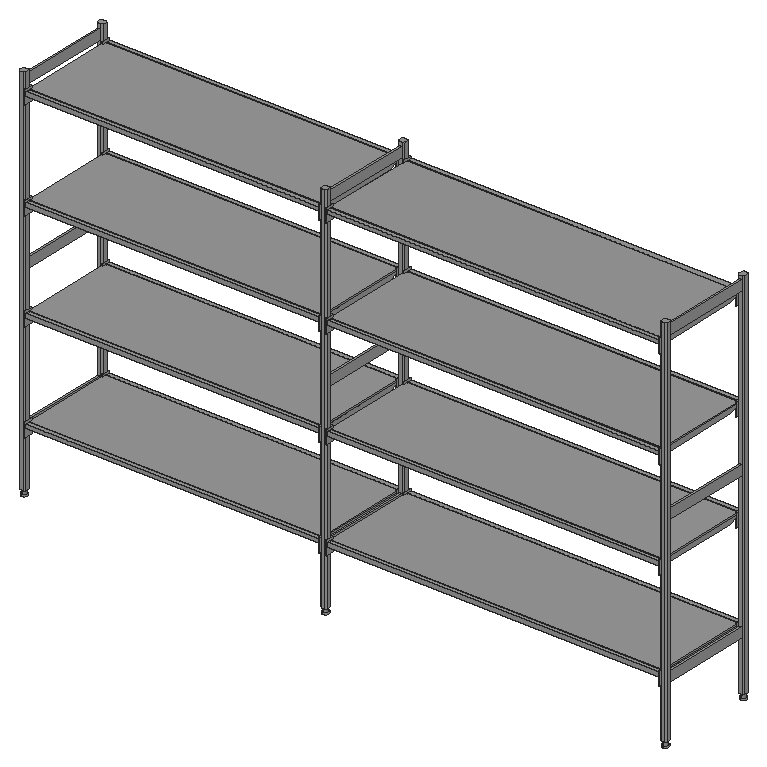
Revit family "QF_ZANUSSI_137049_BLS2935", category Attrezzature speciali, Revit 2020
Family settings
  Quota connettore circolare = Usa diametro
  Tipo di parte = Normale
  Basato su piano di lavoro = No
  Sempre verticale = Sì
  Taglio con vuoti quando caricato = No
  Condiviso = No
  Punto di calcolo locali = No
Parameters (values of type "Standard")
  Weight = 51.00 kg
  Watts = 0 W
  Volts = 0 V
  URL Manufacturer = "http://www.zanussiprofessional.com"
  URL = "http://www.zanussiprofessional.com"
  Steam Supply Size = 0 mm
  Steam Supply Minimum Pressure = 0.0 Pa
  Steam Supply Maximum Pressure = 0.0 Pa
  Steam Consumption per Hour = 0
  Refrigeration Suction Line Size = 0.0 mm
  Refrigeration Liquid Line Size = 0.0 mm
  Refrigerant Compressor Remote = yes
  Prospetto di default = 0.0 mm
  Phase = 0
  Modello = "BLS2935"
  Produttore = "Zanussi"
  Length Actual = 2935.0 mm  # constant formula
  Item Number = "137049"
  Hot Water Size = 0 mm
  Height Actual = 1700.0 mm  # constant formula
  HP = "0 HP"
  Gas Size = 0 mm
  Gas KW = 0
  Gas Input Pressure = 0 W
  Direct Waste Size = 0 mm
  Descrizione = "ALUM.LINEAR SHELV.-POLY.TIERS-475X2935MM"
  Depth Actual = 475.0 mm  # constant formula
  Cycle = 0 Hz
  Condensate Return Size = 0 mm
  Compressed Air Volume = 0.0 L/s
  Compressed Air Size = 0 mm
  Compressed Air Pressure = 0.0 Pa
  Cold Water Size = 0 mm
  Accessory = yes
Reference planes
  plane 1: z = 0
  plane 2 "CenterLeft": x = -31
  plane 3 "LEFT": x = -417
  plane 4 "BACK": y = 23
  plane 5 "FRONT": y = -452
  plane 6 "TOP": z = 1700
  plane 7: x = -385
  plane 8: x = 945
  plane 9 "Center (Front/Back)": y = -214.5
  plane 10: y = -8.5
  plane 11: y = -420.5
  plane 12 "FEET": z = 25
  plane 13: z = 275
  plane 14: z = 725
  plane 15: z = 1175
  plane 16: z = 1625
  plane 17 "CXLeft": x = -403
  plane 18 "Center (Left/Right)": x = 963
  plane 19: y = 5.5
  plane 20 "CYBack": y = 5.5
  plane 21 "CYFront": y = -434.5
  plane 22 "RIGHT": x = 2518
  plane 23: x = 2486
  plane 24 "CXRight": x = 2504
  plane 25: x = 981
Forms (mm)
  Extrusion 1, solid, material "QF_Aluminum"
    sketch origin (-417, 0, -4.006) x (0, 1, 0) y (0, 0, 1)
      loop
        line (-12, 1637.003) -> (4, 1637.003) -> (4, 1655) -> (2.007, 1655) -> (2.007, 1648.501) -> (-431, 1648.501) -> (-431, 1655) -> (-433, 1655) -> (-433, 1637.003) -> (-417, 1637.003) -> (-383, 1625) -> (-46, 1625) -> (-12, 1637.003)
      loop
        line (-12, 1187.003) -> (4, 1187.003) -> (4, 1205) -> (2.007, 1205) -> (2.007, 1198.501) -> (-431, 1198.501) -> (-431, 1205) -> (-433, 1205) -> (-433, 1187.003) -> (-417, 1187.003) -> (-383, 1175) -> (-46, 1175) -> (-12, 1187.003)
      loop
        line (-12, 737.003) -> (4, 737.003) -> (4, 755) -> (2.007, 755) -> (2.007, 748.501) -> (-431, 748.501) -> (-431, 755) -> (-433, 755) -> (-433, 737.003) -> (-417, 737.003) -> (-383, 725) -> (-46, 725) -> (-12, 737.003)
      loop
        line (-12, 287.003) -> (4, 287.003) -> (4, 305) -> (2.007, 305) -> (2.007, 298.501) -> (-431, 298.501) -> (-431, 305) -> (-433, 305) -> (-433, 287.003) -> (-417, 287.003) -> (-383, 275) -> (-46, 275) -> (-12, 287.003)
    from 37 to 32
  Extrusion 2, solid, material "QF_Aluminum"
    sketch origin (-417, 0, 0) x (0, 1, 0) y (0, 0, 1)
      loop
        line (23, 246.005) -> (23, 307.993) -> (-12.993, 307.993) -> (-12.993, 246.005) -> (23, 246.005)
      loop
        line (-452, 246.005) -> (-416.007, 246.005) -> (-416.007, 307.993) -> (-452, 307.993) -> (-452, 246.005)
      loop
        line (23, 696.005) -> (23, 757.993) -> (-12.993, 757.993) -> (-12.993, 696.005) -> (23, 696.005)
      loop
        line (-452, 696.005) -> (-416.007, 696.005) -> (-416.007, 757.993) -> (-452, 757.993) -> (-452, 696.005)
      loop
        line (23, 1146.005) -> (23, 1207.993) -> (-12.993, 1207.993) -> (-12.993, 1146.005) -> (23, 1146.005)
      loop
        line (-452, 1146.005) -> (-416.007, 1146.005) -> (-416.007, 1207.993) -> (-452, 1207.993) -> (-452, 1146.005)
      loop
        line (23, 1596.005) -> (23, 1657.993) -> (-12.993, 1657.993) -> (-12.993, 1596.005) -> (23, 1596.005)
      loop
        line (-452, 1596.005) -> (-416.007, 1596.005) -> (-416.007, 1657.993) -> (-452, 1657.993) -> (-452, 1596.005)
    from 28 to 32
  Extrusion 3, solid, material "QF_Aluminum"
    sketch origin (-417, 0, 0) x (0, 1, 0) y (0, 0, 1)
      loop
        line (4, 1650.994) -> (4, 1632.998) -> (23, 1632.998) -> (23, 1650.994) -> (4, 1650.994)
      loop
        line (-433, 1650.994) -> (-452, 1650.994) -> (-452, 1632.998) -> (-433, 1632.998) -> (-433, 1650.994)
      loop
        line (4, 1200.994) -> (4, 1182.998) -> (23, 1182.998) -> (23, 1200.994) -> (4, 1200.994)
      loop
        line (-433, 1200.994) -> (-452, 1200.994) -> (-452, 1182.998) -> (-433, 1182.998) -> (-433, 1200.994)
      loop
        line (4, 750.994) -> (4, 732.998) -> (23, 732.998) -> (23, 750.994) -> (4, 750.994)
      loop
        line (-433, 750.994) -> (-452, 750.994) -> (-452, 732.998) -> (-433, 732.998) -> (-433, 750.994)
      loop
        line (4, 300.994) -> (4, 282.998) -> (23, 282.998) -> (23, 300.994) -> (4, 300.994)
      loop
        line (-433, 300.994) -> (-452, 300.994) -> (-452, 282.998) -> (-433, 282.998) -> (-433, 300.994)
    from 32 to 1362
  Extrusion 4, solid, material "QF_Polyethylene"
    sketch origin (-417, 0, 0) x (0, 1, 0) y (0, 0, 1)
      loop
        line (2.007, 1650.994) -> (-431, 1650.994) -> (-431, 1644.496) -> (2.007, 1644.496) -> (2.007, 1650.994)
      loop
        line (2.007, 1200.994) -> (-431, 1200.994) -> (-431, 1194.496) -> (2.007, 1194.496) -> (2.007, 1200.994)
      loop
        line (2.007, 750.994) -> (-431, 750.994) -> (-431, 744.496) -> (2.007, 744.496) -> (2.007, 750.994)
      loop
        line (2.007, 300.994) -> (-431, 300.994) -> (-431, 294.496) -> (2.007, 294.496) -> (2.007, 300.994)
    from 32 to 1362
  Extrusion 5, solid, material "QF_Aluminum"
    sketch origin (2518, 0, 0) x (0, 1, 0) y (0, 0, 1)
      loop
        line (4, 1650.994) -> (4, 1632.998) -> (23, 1632.998) -> (23, 1650.994) -> (4, 1650.994)
      loop
        line (-433, 1650.994) -> (-452, 1650.994) -> (-452, 1632.998) -> (-433, 1632.998) -> (-433, 1650.994)
      loop
        line (4, 1200.994) -> (4, 1182.998) -> (23, 1182.998) -> (23, 1200.994) -> (4, 1200.994)
      loop
        line (-433, 1200.994) -> (-452, 1200.994) -> (-452, 1182.998) -> (-433, 1182.998) -> (-433, 1200.994)
      loop
        line (4, 750.994) -> (4, 732.998) -> (23, 732.998) -> (23, 750.994) -> (4, 750.994)
      loop
        line (-433, 750.994) -> (-452, 750.994) -> (-452, 732.998) -> (-433, 732.998) -> (-433, 750.994)
      loop
        line (4, 300.994) -> (4, 282.998) -> (23, 282.998) -> (23, 300.994) -> (4, 300.994)
      loop
        line (-433, 300.994) -> (-452, 300.994) -> (-452, 282.998) -> (-433, 282.998) -> (-433, 300.994)
    from -32 to -1537
  Extrusion 6, solid, material "QF_Polyethylene"
    sketch origin (2518, 0, 0) x (0, 1, 0) y (0, 0, 1)
      loop
        line (2.007, 1650.994) -> (-431, 1650.994) -> (-431, 1644.496) -> (2.007, 1644.496) -> (2.007, 1650.994)
      loop
        line (2.007, 1200.994) -> (-431, 1200.994) -> (-431, 1194.496) -> (2.007, 1194.496) -> (2.007, 1200.994)
      loop
        line (2.007, 750.994) -> (-431, 750.994) -> (-431, 744.496) -> (2.007, 744.496) -> (2.007, 750.994)
      loop
        line (2.007, 300.994) -> (-431, 300.994) -> (-431, 294.496) -> (2.007, 294.496) -> (2.007, 300.994)
    from -32 to -1537
Lines and regions (mm)
  symbolic lines
    curve 1: line (945, 4, 1700) -> (-385, 4, 1700)
    curve 2: line (-408, -8.5, 1700) -> (-408, -420.5, 1700)
    curve 3: line (-398, -420.5, 1700) -> (-398, -8.5, 1700)
    curve 4: line (-389, 23, 1700) -> (949, 23, 1700)
    curve 5: line (-385, -452, 1700) -> (945, -452, 1700)
    curve 6: line (977, 23, 1700) -> (2490, 23, 1700)
    curve 7: line (977, -452, 1700) -> (2490, -452, 1700)
    curve 8: line (-385, -433, 1700) -> (945, -433, 1700)
    curve 9: line (981, -433, 1700) -> (2486, -433, 1700)
    curve 10: line (981, 4, 1700) -> (2486, 4, 1700)
    curve 11: line (2486, -12.993, 1700) -> (2486, -416.007, 1700)
    curve 12: line (945, -12.993, 1700) -> (945, -416.007, 1700)
    curve 13: line (981, -416.007, 1700) -> (981, -12.993, 1700)
    curve 14: line (-385, -12.993, 1700) -> (-385, -416.007, 1700)
Dimensions and locks
  plane 3 "LEFT" to plane 2 "CenterLeft" = 386.0 mm
  locked: plane 6 "TOP" to level at 1700
  locked: plane 4 "BACK" to plane 5 "FRONT" at 475
  locked: plane 7 to plane 8 at 1330
  locked: plane 10 to plane 11 at 412
  equal spacing: plane 10, plane 9 "Center (Front/Back)", plane 11
  equal spacing: plane 4 "BACK", plane 9 "Center (Front/Back)", plane 5 "FRONT"
  plane 12 "FEET" to level = 25.0 mm
  plane 6 "TOP" to plane 12 "FEET" = 1675.0 mm
  plane 13 to plane 12 "FEET" = 250.0 mm
  plane 14 to plane 13 = 450.0 mm
  plane 15 to plane 14 = 450.0 mm
  plane 16 to plane 15 = 450.0 mm
  locked: plane 4 "BACK" to plane 20 "CYBack" at 17.5
  locked: plane 21 "CYFront" to plane 5 "FRONT" at 17.5
  locked: plane 4 "BACK" to Extrusion 1 at 19
  locked: Extrusion 1 to plane 5 "FRONT" at 19
  Extrusion 1 sketch curve to plane 21 "CYFront" = 3.5 mm
  plane 3 "LEFT" to plane 22 "RIGHT" = 2935.0 mm
  locked: plane 25 to plane 23 at 1505
  locked: plane 8 to plane 18 "Center (Left/Right)" at 18
  locked: plane 18 "Center (Left/Right)" to plane 25 at 18
  locked: plane 3 "LEFT" to plane 7 at 32
  locked: plane 24 "CXRight" to plane 22 "RIGHT" at 14
  aligned and locked: level to plane 1
  aligned and locked: plane 7 to Extrusion 1
  aligned and locked: Extrusion 2 to plane 7
  aligned and locked: plane 7 to Extrusion 4
  aligned and locked: Extrusion 4 to plane 8
  aligned and locked: plane 7 to Extrusion 3
  aligned and locked: Extrusion 3 to plane 8
  aligned and locked: Extrusion 3 sketch curve to Extrusion 1
  aligned and locked: Extrusion 1 to Extrusion 3 sketch curve
  aligned and locked: Extrusion 3 sketch curve to Extrusion 3 sketch curve  (x2)
  aligned and locked: Extrusion 1 sketch curve to Extrusion 1 sketch curve  (x3)
  aligned and locked: Extrusion 4 sketch curve to Extrusion 1  (x4)
  aligned and locked: Extrusion 5 sketch curve to Extrusion 5 sketch curve  (x2)
  aligned and locked: Extrusion 5 to plane 25
  aligned and locked: Extrusion 6 to plane 25
  aligned and locked: nested 3 to plane 18 "Center (Left/Right)"
  aligned and locked: nested 1 to plane 17 "CXLeft"
  aligned and locked: Extrusion 3 to plane 7  (x3)
  aligned and locked: plane 8 to Extrusion 3  (x4)
  aligned and locked: plane 25 to Extrusion 5  (x4)
  aligned and locked: plane 25 to Extrusion 6  (x4)
  aligned and locked: plane 8 to Extrusion 4  (x4)
  aligned and locked: nested 2 to plane 24 "CXRight"
  aligned and locked: Extrusion 5 to plane 23
  aligned and locked: Extrusion 6 to plane 23
  aligned and locked: plane 23 to Extrusion 5  (x3)
  aligned and locked: plane 23 to Extrusion 6  (x3)
Automatic sketch dimensions
  plane 21 "CYFront" to Extrusion 1 sketch curve = 1.5 mm  (x4)
  plane 11 to Extrusion 1 sketch curve = 3.5 mm  (x4)
  Extrusion 1 sketch curve to plane 13 = 4.006 mm
  Extrusion 1 sketch curve to Extrusion 1 sketch curve = 34.0 mm  (x4)
  Extrusion 1 sketch curve to plane 14 = 4.006 mm
  Extrusion 1 sketch curve to plane 15 = 4.006 mm
  Extrusion 1 sketch curve to plane 16 = 4.006 mm
  Extrusion 1 sketch curve to plane 10 = 37.5 mm  (x4)
  Extrusion 1 sketch curve to plane 10 = 3.5 mm  (x4)
  plane 19 to Extrusion 1 sketch curve = 3.493 mm  (x4)
  plane 19 to Extrusion 1 sketch curve = 1.5 mm  (x4)
  plane 13 to Extrusion 1 sketch curve = 7.998 mm  (x2)
  Extrusion 1 sketch curve to Extrusion 1 sketch curve = 11.498 mm  (x4)
  Extrusion 1 sketch curve to Extrusion 1 sketch curve = 6.499 mm  (x8)
  plane 14 to Extrusion 1 sketch curve = 7.998 mm  (x2)
  plane 15 to Extrusion 1 sketch curve = 7.998 mm  (x2)
  plane 16 to Extrusion 1 sketch curve = 7.998 mm  (x2)
  Extrusion 2 sketch curve to plane 5 "FRONT" = 0.0 mm  (x4)
  Extrusion 2 sketch curve to plane 4 "BACK" = 0.0 mm  (x4)
  plane 11 to Extrusion 2 sketch curve = 4.493 mm  (x4)
  Extrusion 2 sketch curve to plane 10 = 4.493 mm  (x4)
  Extrusion 2 sketch curve to plane 13 = 28.995 mm  (x2)
  plane 13 to Extrusion 2 sketch curve = 32.993 mm  (x2)
  Extrusion 2 sketch curve to plane 14 = 28.995 mm  (x2)
  plane 14 to Extrusion 2 sketch curve = 32.993 mm  (x2)
  Extrusion 2 sketch curve to plane 15 = 28.995 mm  (x2)
  plane 15 to Extrusion 2 sketch curve = 32.993 mm  (x2)
  Extrusion 2 sketch curve to plane 16 = 28.995 mm  (x2)
  plane 16 to Extrusion 2 sketch curve = 32.993 mm  (x2)
  Extrusion 3 sketch curve to plane 5 "FRONT" = 0.0 mm  (x4)
  Extrusion 3 sketch curve to plane 4 "BACK" = 0.0 mm  (x4)
  plane 19 to Extrusion 3 sketch curve = 1.5 mm  (x4)
  plane 13 to Extrusion 3 sketch curve = 7.998 mm  (x2)
  Extrusion 3 sketch curve to Extrusion 3 sketch curve = 17.997 mm  (x8)
  plane 14 to Extrusion 3 sketch curve = 7.998 mm  (x2)
  plane 15 to Extrusion 3 sketch curve = 7.998 mm  (x2)
  plane 16 to Extrusion 3 sketch curve = 7.998 mm  (x2)
  plane 19 to Extrusion 4 sketch curve = 3.493 mm  (x4)
  plane 13 to Extrusion 4 sketch curve = 19.496 mm
  Extrusion 4 sketch curve to Extrusion 4 sketch curve = 6.499 mm  (x4)
  plane 14 to Extrusion 4 sketch curve = 19.496 mm
  plane 15 to Extrusion 4 sketch curve = 19.496 mm
  plane 16 to Extrusion 4 sketch curve = 19.496 mm
  Extrusion 5 sketch curve to plane 5 "FRONT" = 0.0 mm  (x4)
  Extrusion 5 sketch curve to plane 4 "BACK" = 0.0 mm  (x4)
  plane 21 "CYFront" to Extrusion 5 sketch curve = 1.5 mm  (x2)
  plane 19 to Extrusion 5 sketch curve = 1.5 mm  (x4)
  plane 13 to Extrusion 5 sketch curve = 7.998 mm  (x2)
  Extrusion 5 sketch curve to Extrusion 5 sketch curve = 17.997 mm  (x8)
  plane 14 to Extrusion 5 sketch curve = 7.998 mm  (x2)
  plane 15 to Extrusion 5 sketch curve = 7.998 mm  (x2)
  plane 16 to Extrusion 5 sketch curve = 7.998 mm  (x2)
  plane 21 "CYFront" to Extrusion 6 sketch curve = 3.5 mm  (x4)
  plane 19 to Extrusion 6 sketch curve = 3.493 mm  (x4)
  plane 13 to Extrusion 6 sketch curve = 19.496 mm
  Extrusion 6 sketch curve to Extrusion 6 sketch curve = 6.499 mm  (x4)
  plane 14 to Extrusion 6 sketch curve = 19.496 mm
  plane 15 to Extrusion 6 sketch curve = 19.496 mm
  plane 16 to Extrusion 6 sketch curve = 19.496 mm
  curve 7 to plane 5 "FRONT" = 0.0 mm
  curve 5 to plane 5 "FRONT" = 0.0 mm
  curve 8 to plane 8 = 0.0 mm
  curve 9 to plane 25 = 0.0 mm
  curve 9 to plane 23 = 0.0 mm
  curve 8 to plane 7 = 0.0 mm
  curve 2 to plane 11 = 0.0 mm
  curve 3 to plane 11 = 0.0 mm
  curve 14 to plane 7 = 0.0 mm
  curve 13 to plane 25 = 0.0 mm
  curve 12 to plane 8 = 0.0 mm
  curve 11 to plane 23 = 0.0 mm
  curve 3 to plane 10 = 0.0 mm
  curve 2 to plane 10 = 0.0 mm
  curve 1 to plane 8 = 0.0 mm
  curve 1 to plane 7 = 0.0 mm
  curve 10 to plane 23 = 0.0 mm
  curve 10 to plane 25 = 0.0 mm
  curve 4 to plane 4 "BACK" = 0.0 mm
  curve 6 to plane 4 "BACK" = 0.0 mm
  curve 5 to plane 8 = 0.0 mm
  curve 5 to plane 7 = 0.0 mm
  plane 21 "CYFront" to curve 8 = 1.5 mm
  plane 21 "CYFront" to curve 9 = 1.5 mm
  plane 11 to curve 14 = 4.493 mm
  plane 11 to curve 13 = 4.493 mm
  plane 11 to curve 12 = 4.493 mm
  plane 11 to curve 11 = 4.493 mm
  curve 14 to plane 10 = 4.493 mm
  curve 13 to plane 10 = 4.493 mm
  curve 12 to plane 10 = 4.493 mm
  curve 11 to plane 10 = 4.493 mm
  plane 19 to curve 1 = 1.5 mm
  plane 19 to curve 10 = 1.5 mm
  curve 6 to plane 23 = 4.0 mm
  curve 7 to plane 23 = 4.0 mm
  curve 6 to plane 25 = 4.0 mm
  curve 7 to plane 25 = 4.0 mm
  curve 4 to plane 8 = 4.0 mm
  plane 7 to curve 4 = 4.0 mm
  plane 17 "CXLeft" to curve 3 = 5.0 mm
  curve 2 to plane 17 "CXLeft" = 5.0 mm
Nested families
  nested 1: "WT_Anta475" at (0, 0, 0), type "WT_Anta475"
  nested 2: "WT_Anta475" at (2101, 0, 0) x (-1, 0, 0) z (0, 0, 1), type "WT_Anta475"
  nested 3: "WT_Anta475Center" at (1366, 0, 0), type "WT_Anta475Center"
Definition of nested family "WT_Anta475"
  Parameters
    WidthLeft = A + 64.0 mm  # 772.0 mm
    Width = 1606.0 mm
    Right = WidthLeft / 2  # 386.0 mm
    Default Elevation = 0.0 mm
    Left = -WidthLeft / 2  # -386.0 mm
    Height = 1725.0 mm
    FEET = 25.0 mm
    E = 0.0 mm
    Dint = Depth - 63.0 mm  # 412.0 mm
    Dext = Depth - 8.0 mm  # 467.0 mm
    Depth = 475.0 mm
    DX = (WidthLeft - A) / 2  # 32.0 mm
    B = 798.0 mm
    A = 708.0 mm
  Reference planes
    plane 1: z = 0
    plane 2 "LEFT": x = -417
    plane 3 "BACK": y = 23
    plane 4 "FRONT": y = -452
    plane 5 "TOP": z = 1725
    plane 6 "Center (Front/Back)": y = -214.5
    plane 7: y = -8.5
    plane 8: y = -420.5
    plane 9 "FEET": z = 25
    plane 10: z = 275
    plane 11: z = 725
    plane 12: z = 1175
    plane 13: z = 1625
    plane 14 "CXLeft": x = -403
    plane 15: y = 5.5
    plane 16 "CYBack": y = 5.5
    plane 17 "CYFront": y = -434.5
    plane 18: x = -385.031
    plane 19: x = -380.031
  Forms (mm)
    Extrusion 1, solid
      sketch origin (0, 0, 0) x (1, 0, 0) y (0, 1, 0)
        loop
          line (-417, 13.246) -> (-417, -2.246) -> (-410.746, -8.5) -> (-395.254, -8.5) -> (-389, -2.246) -> (-389, 13.246) -> (-395.254, 19.5) -> (-410.746, 19.5) -> (-417, 13.246)
      from 1725 to 25
    Extrusion 2, solid
      sketch origin (-417, 0, 0) x (0, 1, 0) y (0, 0, 1)
        loop
          line (23, 246.005) -> (23, 307.993) -> (-12.993, 307.993) -> (-12.993, 246.005) -> (23, 246.005)
        loop
          line (-452, 246.005) -> (-416.007, 246.005) -> (-416.007, 307.993) -> (-452, 307.993) -> (-452, 246.005)
        loop
          line (23, 696.005) -> (23, 757.993) -> (-12.993, 757.993) -> (-12.993, 696.005) -> (23, 696.005)
        loop
          line (-452, 696.005) -> (-416.007, 696.005) -> (-416.007, 757.993) -> (-452, 757.993) -> (-452, 696.005)
        loop
          line (23, 1146.005) -> (23, 1207.993) -> (-12.993, 1207.993) -> (-12.993, 1146.005) -> (23, 1146.005)
        loop
          line (-452, 1146.005) -> (-416.007, 1146.005) -> (-416.007, 1207.993) -> (-452, 1207.993) -> (-452, 1146.005)
        loop
          line (23, 1596.005) -> (23, 1657.993) -> (-12.993, 1657.993) -> (-12.993, 1596.005) -> (23, 1596.005)
        loop
          line (-452, 1596.005) -> (-416.007, 1596.005) -> (-416.007, 1657.993) -> (-452, 1657.993) -> (-452, 1596.005)
      from 28 to 32
    Revolve 3, solid
      sketch origin (-403, 0, 0) x (0, 1, 0) y (0, 0, 1)
        loop
          line (5.5, 25) -> (5.5, 0) -> (19, 0) -> (19, 5) -> (14, 5) -> (14, 25) -> (5.5, 25)
        axis (5.5, 25) -> (5.5, 0)
      angle from 0 to 360
    Extrusion 4, solid
      sketch origin (-403, 0, 0) x (0, 1, 0) y (0, 0, 1)
        loop
          line (-8.5, 912.382) -> (-8.5, 957.374) -> (-420.5, 957.374) -> (-420.5, 912.382) -> (-8.5, 912.382)
        loop
          line (-8.5, 1662.244) -> (-8.5, 1707.236) -> (-420.5, 1707.236) -> (-420.5, 1662.244) -> (-8.5, 1662.244)
      from -5 to 5
    Revolve 5, solid
      sketch origin (-403, -627, 0) x (0, -1, 0) y (0, 0, 1)
        loop
          line (-192.5, 25) -> (-192.5, 0) -> (-179, 0) -> (-179, 5) -> (-184, 5) -> (-184, 25) -> (-192.5, 25)
        axis (-192.5, 25) -> (-192.5, 0)
      angle from 0 to 360
    Extrusion 6, solid
      sketch origin (0, -627, 0) x (1, 0, 0) y (0, 1, 0)
        loop
          line (-417, 184.754) -> (-410.746, 178.5) -> (-395.254, 178.5) -> (-389, 184.754) -> (-389, 200.246) -> (-395.254, 206.5) -> (-410.746, 206.5) -> (-417, 200.246) -> (-417, 184.754)
      from 1725 to 25
    Extrusion 7, solid
      sketch origin (-417.031, -0.022, 0) x (0, 1, 0) y (0, 0, -1)
        loop
          line (-12, -1632.998) -> (-46, -1620.994) -> (-383, -1620.994) -> (-417, -1632.998) -> (-433, -1632.998) -> (-433, -1650.994) -> (-431, -1650.994) -> (-431, -1644.496) -> (2.007, -1644.496) -> (2.007, -1650.994) -> (4, -1650.994) -> (4, -1632.998) -> (-12, -1632.998)
        loop
          line (-12, -1182.998) -> (-46, -1170.994) -> (-383, -1170.994) -> (-417, -1182.998) -> (-433, -1182.998) -> (-433, -1200.994) -> (-431, -1200.994) -> (-431, -1194.496) -> (2.007, -1194.496) -> (2.007, -1200.994) -> (4, -1200.994) -> (4, -1182.998) -> (-12, -1182.998)
        loop
          line (-12, -732.998) -> (-46, -720.994) -> (-383, -720.994) -> (-417, -732.998) -> (-433, -732.998) -> (-433, -750.994) -> (-431, -750.994) -> (-431, -744.496) -> (2.007, -744.496) -> (2.007, -750.994) -> (4, -750.994) -> (4, -732.998) -> (-12, -732.998)
        loop
          line (-12, -282.998) -> (-46, -270.994) -> (-383, -270.994) -> (-417, -282.998) -> (-433, -282.998) -> (-433, -300.994) -> (-431, -300.994) -> (-431, -294.496) -> (2.007, -294.496) -> (2.007, -300.994) -> (4, -300.994) -> (4, -282.998) -> (-12, -282.998)
      from -32 to -37
    Extrusion 8, solid
      sketch origin (-403, 0, -659.878) x (0, 1, 0) y (0, 0, 1)
        loop
          line (-8.5, 912.382) -> (-8.5, 957.374) -> (-420.5, 957.374) -> (-420.5, 912.382) -> (-8.5, 912.382)
        loop
          line (-8.5, 1572.382) -> (-8.5, 1617.374) -> (-420.5, 1617.374) -> (-420.5, 1572.382) -> (-8.5, 1572.382)
        loop
          line (-8.5, 2322.382) -> (-8.5, 2367.374) -> (-420.5, 2367.374) -> (-420.5, 2322.382) -> (-8.5, 2322.382)
      from -5 to 5
  Lines and regions (mm)
    symbolic lines
      curve 1: line (-408, -8.5, 1725) -> (-408, -420.5, 1725)
      curve 2: line (-398, -420.5, 1725) -> (-398, -8.5, 1725)
      curve 3: line (-395.254, -8.5, 1725) -> (-410.746, -8.5, 1725)
      curve 4: line (-417, -2.246, 1725) -> (-410.746, -8.5, 1725)
      curve 5: line (-417, 13.246, 1725) -> (-417, -2.246, 1725)
      curve 6: line (-410.746, 19.5, 1725) -> (-417, 13.246, 1725)
      curve 7: line (-395.254, 19.5, 1725) -> (-410.746, 19.5, 1725)
      curve 8: line (-389, 13.246, 1725) -> (-395.254, 19.5, 1725)
      curve 9: line (-395.254, -8.5, 1725) -> (-389, -2.246, 1725)
      curve 10: line (-395.254, -420.5, 1725) -> (-410.746, -420.5, 1725)
      curve 11: line (-417, -426.754, 1725) -> (-410.746, -420.5, 1725)
      curve 12: line (-410.746, -448.5, 1725) -> (-417, -442.246, 1725)
      curve 13: line (-395.254, -448.5, 1725) -> (-410.746, -448.5, 1725)
      curve 14: line (-389, -442.246, 1725) -> (-395.254, -448.5, 1725)
      curve 15: line (-395.254, -420.5, 1725) -> (-389, -426.754, 1725)
      curve 16: line (-389, -452, 1725) -> (-389, -416.007, 1725)
      curve 17: line (-389, -416.007, 1725) -> (-385, -416.007, 1725)
      curve 18: line (-389, 23, 1725) -> (-389, -12.993, 1725)
      curve 19: line (-389, -12.993, 1725) -> (-385, -12.993, 1725)
      curve 20: line (-417, -426.754, 1725) -> (-417, -442.246, 1725)
      curve 21: line (-385, -452, 1725) -> (-385, -416.007, 1725)
      curve 22: line (-385, -452, 1725) -> (-389, -452, 1725)
      curve 23: line (-385, 23, 1725) -> (-389, 23, 1725)
      curve 24: line (-385, -12.993, 1725) -> (-385, 23, 1725)
      curve 25: line (-385.031, -13.016, 1725) -> (-385.031, -416.029, 1725)
  Dimensions and locks
    "Height": plane 5 "TOP" to level
    "Depth": plane 3 "BACK" to plane 4 "FRONT"
    "Dint": plane 7 to plane 8
    equal spacing: plane 7, plane 6 "Center (Front/Back)", plane 8
    equal spacing: plane 3 "BACK", plane 6 "Center (Front/Back)", plane 4 "FRONT"
    plane 9 "FEET" to level = 25.0 mm
    plane 5 "TOP" to plane 9 "FEET" = 1700.0 mm
    plane 10 to plane 9 "FEET" = 250.0 mm
    plane 11 to plane 10 = 450.0 mm
    plane 12 to plane 11 = 450.0 mm
    plane 13 to plane 12 = 450.0 mm
    locked: plane 2 "LEFT" to plane 14 "CXLeft" at 14
    locked: plane 3 "BACK" to plane 16 "CYBack" at 17.5
    locked: plane 17 "CYFront" to plane 4 "FRONT" at 17.5
    locked: Revolve 3 sketch curve to Revolve 3 sketch curve at 8.5
    locked: Revolve 3 sketch curve to plane 16 "CYBack" at 13.5
    locked: Revolve 5 sketch curve to Revolve 5 sketch curve at 8.5
    aligned and locked: level to plane 1
    aligned and locked: curve 20 to Extrusion 6
    aligned and locked: plane 5 "TOP" to Extrusion 1
    aligned and locked: plane 5 "TOP" to Extrusion 6
    aligned and locked: Extrusion 7 sketch curve to Extrusion 7 sketch curve  (x3)
  Automatic sketch dimensions
    curve 16 to plane 4 "FRONT" = 0.0 mm
    curve 11 to plane 8 = 0.0 mm
    curve 9 to plane 7 = 0.0 mm
    curve 5 to plane 2 "LEFT" = 0.0 mm
    curve 23 to plane 3 "BACK" = 0.0 mm
    plane 4 "FRONT" to curve 13 = 3.5 mm
    curve 20 to plane 17 "CYFront" = 7.746 mm
    curve 20 to plane 8 = 6.254 mm
    plane 8 to curve 16 = 4.493 mm
    curve 24 to plane 18 = 0.031 mm
    curve 24 to plane 7 = 4.493 mm
    plane 7 to curve 5 = 6.254 mm
    curve 5 to plane 15 = 7.746 mm
    curve 6 to plane 3 "BACK" = 3.5 mm
    curve 21 to plane 18 = 0.031 mm
    plane 18 to curve 23 = 3.969 mm
    plane 18 to curve 16 = 3.969 mm
    curve 18 to curve 8 = 6.254 mm
    curve 18 to curve 3 = 6.254 mm
    curve 16 to curve 13 = 6.254 mm
    curve 16 to curve 15 = 6.254 mm
    plane 2 "LEFT" to curve 10 = 6.254 mm
    plane 2 "LEFT" to curve 7 = 6.254 mm
    plane 2 "LEFT" to curve 12 = 6.254 mm
    plane 2 "LEFT" to curve 3 = 6.254 mm
    curve 14 to plane 17 "CYFront" = 7.746 mm
    curve 15 to plane 8 = 6.254 mm
    plane 7 to curve 9 = 6.254 mm
    curve 8 to plane 15 = 7.746 mm
    curve 3 to curve 2 = 2.746 mm
    curve 1 to curve 10 = 2.746 mm
    Extrusion 1 sketch curve to plane 2 "LEFT" = 0.0 mm
    Extrusion 1 sketch curve to plane 7 = 0.0 mm
    plane 2 "LEFT" to Extrusion 1 sketch curve = 6.254 mm  (x2)
    plane 14 "CXLeft" to Extrusion 1 sketch curve = 7.746 mm  (x2)
    Extrusion 1 sketch curve to plane 3 "BACK" = 3.5 mm
    plane 18 to Extrusion 1 sketch curve = 3.969 mm
    plane 7 to Extrusion 1 sketch curve = 6.254 mm  (x2)
    Extrusion 1 sketch curve to plane 15 = 7.746 mm  (x2)
    Extrusion 2 sketch curve to plane 4 "FRONT" = 0.0 mm  (x4)
    Extrusion 2 sketch curve to plane 3 "BACK" = 0.0 mm  (x4)
    plane 8 to Extrusion 2 sketch curve = 4.493 mm  (x4)
    Extrusion 2 sketch curve to plane 7 = 4.493 mm  (x4)
    Extrusion 2 sketch curve to plane 10 = 28.995 mm  (x2)
    plane 10 to Extrusion 2 sketch curve = 32.993 mm  (x2)
    Extrusion 2 sketch curve to plane 11 = 28.995 mm  (x2)
    plane 11 to Extrusion 2 sketch curve = 32.993 mm  (x2)
    Extrusion 2 sketch curve to plane 12 = 28.995 mm  (x2)
    plane 12 to Extrusion 2 sketch curve = 32.993 mm  (x2)
    Extrusion 2 sketch curve to plane 13 = 28.995 mm  (x2)
    plane 13 to Extrusion 2 sketch curve = 32.993 mm  (x2)
    Revolve 3 sketch curve to plane 9 "FEET" = 0.0 mm  (x2)
    Revolve 3 sketch curve to plane 15 = 0.0 mm  (x2)
    Revolve 3 sketch curve to level = 0.0 mm
    level to Revolve 3 sketch curve = 5.0 mm
    Revolve 3 sketch curve to Revolve 3 sketch curve = 11.655 mm
    Extrusion 4 sketch curve to plane 8 = 0.0 mm  (x2)
    Extrusion 4 sketch curve to plane 7 = 0.0 mm  (x2)
    plane 11 to Extrusion 4 sketch curve = 187.382 mm
    Extrusion 4 sketch curve to Extrusion 4 sketch curve = 44.992 mm
    plane 13 to Extrusion 4 sketch curve = 37.244 mm
    Extrusion 4 sketch curve to plane 5 "TOP" = 17.764 mm
    Revolve 5 sketch curve to plane 9 "FEET" = 0.0 mm  (x2)
    Revolve 5 sketch curve to plane 17 "CYFront" = 0.0 mm  (x2)
    Revolve 5 sketch curve to level = 0.0 mm
    Revolve 5 sketch curve to plane 4 "FRONT" = 4.0 mm
    Revolve 5 sketch curve to Revolve 5 sketch curve = 5.0 mm
    level to Revolve 5 sketch curve = 11.655 mm
    Extrusion 6 sketch curve to plane 2 "LEFT" = 0.0 mm
    Extrusion 6 sketch curve to plane 8 = 0.0 mm
    Extrusion 6 sketch curve to plane 2 "LEFT" = 6.254 mm  (x2)
    Extrusion 6 sketch curve to plane 14 "CXLeft" = 7.746 mm  (x2)
    Extrusion 6 sketch curve to plane 4 "FRONT" = 3.5 mm
    Extrusion 6 sketch curve to plane 18 = 3.969 mm
    plane 8 to Extrusion 6 sketch curve = 6.254 mm  (x2)
    plane 17 "CYFront" to Extrusion 6 sketch curve = 7.746 mm  (x2)
    plane 17 "CYFront" to Extrusion 7 sketch curve = 1.478 mm  (x4)
    Extrusion 7 sketch curve to Extrusion 7 sketch curve = 2.0 mm
    plane 8 to Extrusion 7 sketch curve = 3.478 mm  (x4)
    Extrusion 7 sketch curve to plane 10 = 4.006 mm
    Extrusion 7 sketch curve to Extrusion 7 sketch curve = 34.0 mm  (x4)
    Extrusion 7 sketch curve to plane 11 = 4.006 mm
    Extrusion 7 sketch curve to plane 12 = 4.006 mm
    Extrusion 7 sketch curve to plane 13 = 4.006 mm
    Extrusion 7 sketch curve to plane 7 = 37.522 mm  (x4)
    Extrusion 7 sketch curve to plane 7 = 3.522 mm  (x4)
    plane 15 to Extrusion 7 sketch curve = 3.516 mm  (x4)
    plane 15 to Extrusion 7 sketch curve = 1.522 mm  (x4)
    plane 13 to Extrusion 7 sketch curve = 7.998 mm  (x2)
    Extrusion 7 sketch curve to Extrusion 7 sketch curve = 11.498 mm
    Extrusion 7 sketch curve to Extrusion 7 sketch curve = 6.499 mm  (x5)
    plane 12 to Extrusion 7 sketch curve = 25.994 mm  (x2)
    plane 12 to Extrusion 7 sketch curve = 7.998 mm  (x2)
    plane 11 to Extrusion 7 sketch curve = 25.994 mm  (x2)
    plane 11 to Extrusion 7 sketch curve = 7.998 mm  (x2)
    plane 10 to Extrusion 7 sketch curve = 25.994 mm  (x2)
    plane 10 to Extrusion 7 sketch curve = 7.998 mm  (x2)
    curve 25 to plane 18 = 0.0 mm
    plane 8 to curve 25 = 4.471 mm
    curve 25 to plane 7 = 4.516 mm
    Extrusion 8 sketch curve to plane 8 = 0.0 mm  (x3)
    Extrusion 8 sketch curve to plane 7 = 0.0 mm  (x3)
    Extrusion 8 sketch curve to plane 10 = 22.496 mm
    plane 10 to Extrusion 8 sketch curve = 22.496 mm
    plane 11 to Extrusion 8 sketch curve = 187.504 mm
    Extrusion 8 sketch curve to Extrusion 8 sketch curve = 44.992 mm
    plane 13 to Extrusion 8 sketch curve = 37.504 mm
    Extrusion 8 sketch curve to plane 5 "TOP" = 17.504 mm
Definition of nested family "WT_Anta475Center"
  Parameters
    WidthLeft = A + 64.0 mm  # 772.0 mm
    Width = 1606.0 mm
    Right = WidthLeft / 2  # 386.0 mm
    Default Elevation = 0.0 mm
    Left = -WidthLeft / 2  # -386.0 mm
    Height = 1725.0 mm
    FEET = 25.0 mm
    E = 0.0 mm
    Dint = Depth - 63.0 mm  # 412.0 mm
    Dext = Depth - 8.0 mm  # 467.0 mm
    Depth = 475.0 mm
    DX = (WidthLeft - A) / 2  # 32.0 mm
    B = 798.0 mm
    A = 708.0 mm
  Reference planes
    plane 1: z = 0
    plane 2 "L": x = -417
    plane 3 "BACK": y = 23
    plane 4 "FRONT": y = -452
    plane 5 "TOP": z = 1725
    plane 6 "Center (Front/Back)": y = -214.5
    plane 7: y = -8.5
    plane 8: y = -420.5
    plane 9 "FEET": z = 25
    plane 10: z = 275
    plane 11: z = 725
    plane 12: z = 1175
    plane 13: z = 1625
    plane 14 "CXLeft": x = -403
    plane 15: y = 5.5
    plane 16 "CYBack": y = 5.5
    plane 17 "CYFront": y = -434.5
    plane 18: x = -385.031
    plane 19 "RIGHT": x = -380.031
    plane 20: x = -420.969
    plane 21 "LEFT": x = -425.969
  Forms (mm)
    Extrusion 1, solid
      sketch origin (0, 0, 0) x (1, 0, 0) y (0, 1, 0)
        loop
          line (-417, 13.246) -> (-417, -2.246) -> (-410.746, -8.5) -> (-395.254, -8.5) -> (-389, -2.246) -> (-389, 13.246) -> (-395.254, 19.5) -> (-410.746, 19.5) -> (-417, 13.246)
      from 1725 to 25
    Extrusion 2, solid
      sketch origin (-417, 0, 0) x (0, 1, 0) y (0, 0, 1)
        loop
          line (23, 246.005) -> (23, 307.993) -> (-12.993, 307.993) -> (-12.993, 246.005) -> (23, 246.005)
        loop
          line (-452, 246.005) -> (-416.007, 246.005) -> (-416.007, 307.993) -> (-452, 307.993) -> (-452, 246.005)
        loop
          line (23, 696.005) -> (23, 757.993) -> (-12.993, 757.993) -> (-12.993, 696.005) -> (23, 696.005)
        loop
          line (-452, 696.005) -> (-416.007, 696.005) -> (-416.007, 757.993) -> (-452, 757.993) -> (-452, 696.005)
        loop
          line (23, 1146.005) -> (23, 1207.993) -> (-12.993, 1207.993) -> (-12.993, 1146.005) -> (23, 1146.005)
        loop
          line (-452, 1146.005) -> (-416.007, 1146.005) -> (-416.007, 1207.993) -> (-452, 1207.993) -> (-452, 1146.005)
        loop
          line (23, 1596.005) -> (23, 1657.993) -> (-12.993, 1657.993) -> (-12.993, 1596.005) -> (23, 1596.005)
        loop
          line (-452, 1596.005) -> (-416.007, 1596.005) -> (-416.007, 1657.993) -> (-452, 1657.993) -> (-452, 1596.005)
      from 28 to 32
    Revolve 3, solid
      sketch origin (-403, 0, 0) x (0, 1, 0) y (0, 0, 1)
        loop
          line (5.5, 25) -> (5.5, 0) -> (19, 0) -> (19, 5) -> (14, 5) -> (14, 25) -> (5.5, 25)
        axis (5.5, 25) -> (5.5, 0)
      angle from 0 to 360
    Extrusion 4, solid
      sketch origin (-403, 0, 0) x (0, 1, 0) y (0, 0, 1)
        loop
          line (-8.5, 912.382) -> (-8.5, 957.374) -> (-420.5, 957.374) -> (-420.5, 912.382) -> (-8.5, 912.382)
        loop
          line (-8.5, 1662.244) -> (-8.5, 1707.236) -> (-420.5, 1707.236) -> (-420.5, 1662.244) -> (-8.5, 1662.244)
      from -5 to 5
    Revolve 5, solid
      sketch origin (-403, -627, 0) x (0, -1, 0) y (0, 0, 1)
        loop
          line (-192.5, 25) -> (-192.5, 0) -> (-179, 0) -> (-179, 5) -> (-184, 5) -> (-184, 25) -> (-192.5, 25)
        axis (-192.5, 25) -> (-192.5, 0)
      angle from 0 to 360
    Extrusion 6, solid
      sketch origin (0, -627, 0) x (1, 0, 0) y (0, 1, 0)
        loop
          line (-417, 184.754) -> (-410.746, 178.5) -> (-395.254, 178.5) -> (-389, 184.754) -> (-389, 200.246) -> (-395.254, 206.5) -> (-410.746, 206.5) -> (-417, 200.246) -> (-417, 184.754)
      from 1725 to 25
    Extrusion 7, solid
      sketch origin (-417.031, -0.022, 0) x (0, 1, 0) y (0, 0, -1)
        loop
          line (-12, -1632.998) -> (-46, -1620.994) -> (-383, -1620.994) -> (-417, -1632.998) -> (-433, -1632.998) -> (-433, -1650.994) -> (-431, -1650.994) -> (-431, -1644.496) -> (2.007, -1644.496) -> (2.007, -1650.994) -> (4, -1650.994) -> (4, -1632.998) -> (-12, -1632.998)
        loop
          line (-12, -1182.998) -> (-46, -1170.994) -> (-383, -1170.994) -> (-417, -1182.998) -> (-433, -1182.998) -> (-433, -1200.994) -> (-431, -1200.994) -> (-431, -1194.496) -> (2.007, -1194.496) -> (2.007, -1200.994) -> (4, -1200.994) -> (4, -1182.998) -> (-12, -1182.998)
        loop
          line (-12, -732.998) -> (-46, -720.994) -> (-383, -720.994) -> (-417, -732.998) -> (-433, -732.998) -> (-433, -750.994) -> (-431, -750.994) -> (-431, -744.496) -> (2.007, -744.496) -> (2.007, -750.994) -> (4, -750.994) -> (4, -732.998) -> (-12, -732.998)
        loop
          line (-12, -282.998) -> (-46, -270.994) -> (-383, -270.994) -> (-417, -282.998) -> (-433, -282.998) -> (-433, -300.994) -> (-431, -300.994) -> (-431, -294.496) -> (2.007, -294.496) -> (2.007, -300.994) -> (4, -300.994) -> (4, -282.998) -> (-12, -282.998)
      from -32 to -37
    Extrusion 8, solid
      sketch origin (-403, 0, -659.878) x (0, 1, 0) y (0, 0, 1)
        loop
          line (-8.5, 912.382) -> (-8.5, 957.374) -> (-420.5, 957.374) -> (-420.5, 912.382) -> (-8.5, 912.382)
        loop
          line (-8.5, 1572.382) -> (-8.5, 1617.374) -> (-420.5, 1617.374) -> (-420.5, 1572.382) -> (-8.5, 1572.382)
        loop
          line (-8.5, 2322.382) -> (-8.5, 2367.374) -> (-420.5, 2367.374) -> (-420.5, 2322.382) -> (-8.5, 2322.382)
      from -5 to 5
    Extrusion 9, solid
      sketch origin (-389, 0, 0) x (0, 1, 0) y (0, 0, -1)
        loop
          line (23, -246.005) -> (-12.993, -246.005) -> (-12.993, -307.993) -> (23, -307.993) -> (23, -246.005)
        loop
          line (-452, -246.005) -> (-452, -307.993) -> (-416.007, -307.993) -> (-416.007, -246.005) -> (-452, -246.005)
        loop
          line (23, -696.005) -> (-12.993, -696.005) -> (-12.993, -757.993) -> (23, -757.993) -> (23, -696.005)
        loop
          line (-452, -696.005) -> (-452, -757.993) -> (-416.007, -757.993) -> (-416.007, -696.005) -> (-452, -696.005)
        loop
          line (23, -1146.005) -> (-12.993, -1146.005) -> (-12.993, -1207.993) -> (23, -1207.993) -> (23, -1146.005)
        loop
          line (-452, -1146.005) -> (-452, -1207.993) -> (-416.007, -1207.993) -> (-416.007, -1146.005) -> (-452, -1146.005)
        loop
          line (23, -1596.005) -> (-12.993, -1596.005) -> (-12.993, -1657.993) -> (23, -1657.993) -> (23, -1596.005)
        loop
          line (-452, -1596.005) -> (-452, -1657.993) -> (-416.007, -1657.993) -> (-416.007, -1596.005) -> (-452, -1596.005)
      from 28 to 32
    Extrusion 10, solid
      sketch origin (-388.969, -0.022, 0) x (0, 1, 0) y (0, 0, 1)
        loop
          line (-12, 1632.998) -> (4, 1632.998) -> (4, 1650.994) -> (2.007, 1650.994) -> (2.007, 1644.496) -> (-431, 1644.496) -> (-431, 1650.994) -> (-433, 1650.994) -> (-433, 1632.998) -> (-417, 1632.998) -> (-383, 1620.994) -> (-46, 1620.994) -> (-12, 1632.998)
        loop
          line (-12, 1182.998) -> (4, 1182.998) -> (4, 1200.994) -> (2.007, 1200.994) -> (2.007, 1194.496) -> (-431, 1194.496) -> (-431, 1200.994) -> (-433, 1200.994) -> (-433, 1182.998) -> (-417, 1182.998) -> (-383, 1170.994) -> (-46, 1170.994) -> (-12, 1182.998)
        loop
          line (-12, 732.998) -> (4, 732.998) -> (4, 750.994) -> (2.007, 750.994) -> (2.007, 744.496) -> (-431, 744.496) -> (-431, 750.994) -> (-433, 750.994) -> (-433, 732.998) -> (-417, 732.998) -> (-383, 720.994) -> (-46, 720.994) -> (-12, 732.998)
        loop
          line (-12, 282.998) -> (4, 282.998) -> (4, 300.994) -> (2.007, 300.994) -> (2.007, 294.496) -> (-431, 294.496) -> (-431, 300.994) -> (-433, 300.994) -> (-433, 282.998) -> (-417, 282.998) -> (-383, 270.994) -> (-46, 270.994) -> (-12, 282.998)
      from -32 to -37
  Lines and regions (mm)
    symbolic lines
      curve 1: line (-408, -8.5, 1725) -> (-408, -420.5, 1725)
      curve 2: line (-398, -420.5, 1725) -> (-398, -8.5, 1725)
      curve 3: line (-395.254, -8.5, 1725) -> (-410.746, -8.5, 1725)
      curve 4: line (-417, -2.246, 1725) -> (-410.746, -8.5, 1725)
      curve 5: line (-410.746, 19.5, 1725) -> (-417, 13.246, 1725)
      curve 6: line (-395.254, 19.5, 1725) -> (-410.746, 19.5, 1725)
      curve 7: line (-389, 13.246, 1725) -> (-395.254, 19.5, 1725)
      curve 8: line (-395.254, -8.5, 1725) -> (-389, -2.246, 1725)
      curve 9: line (-395.254, -420.5, 1725) -> (-410.746, -420.5, 1725)
      curve 10: line (-417, -426.754, 1725) -> (-410.746, -420.5, 1725)
      curve 11: line (-410.746, -448.5, 1725) -> (-417, -442.246, 1725)
      curve 12: line (-395.254, -448.5, 1725) -> (-410.746, -448.5, 1725)
      curve 13: line (-389, -442.246, 1725) -> (-395.254, -448.5, 1725)
      curve 14: line (-395.254, -420.5, 1725) -> (-389, -426.754, 1725)
      curve 15: line (-389, -452, 1725) -> (-389, -416.007, 1725)
      curve 16: line (-389, -416.007, 1725) -> (-385, -416.007, 1725)
      curve 17: line (-389, 23, 1725) -> (-389, -12.993, 1725)
      curve 18: line (-389, -12.993, 1725) -> (-385, -12.993, 1725)
      curve 19: line (-385, -452, 1725) -> (-385, -416.007, 1725)
      curve 20: line (-385, -452, 1725) -> (-389, -452, 1725)
      curve 21: line (-385, 23, 1725) -> (-389, 23, 1725)
      curve 22: line (-385, -12.993, 1725) -> (-385, 23, 1725)
      curve 23: line (-385.031, -13.016, 1725) -> (-385.031, -416.029, 1725)
      curve 24: line (-417, -452, 1725) -> (-417, -416.007, 1725)
      curve 25: line (-417, -416.007, 1725) -> (-421, -416.007, 1725)
      curve 26: line (-417, 23, 1725) -> (-417, -12.993, 1725)
      curve 27: line (-417, -12.993, 1725) -> (-421, -12.993, 1725)
      curve 28: line (-421, -452, 1725) -> (-421, -416.007, 1725)
      curve 29: line (-421, -452, 1725) -> (-417, -452, 1725)
      curve 30: line (-421, 23, 1725) -> (-417, 23, 1725)
      curve 31: line (-421, -12.993, 1725) -> (-421, 23, 1725)
      curve 32: line (-420.969, -13.016, 1725) -> (-420.969, -416.029, 1725)
  Dimensions and locks
    "Height": plane 5 "TOP" to level
    "Depth": plane 3 "BACK" to plane 4 "FRONT"
    "Dint": plane 7 to plane 8
    equal spacing: plane 7, plane 6 "Center (Front/Back)", plane 8
    equal spacing: plane 3 "BACK", plane 6 "Center (Front/Back)", plane 4 "FRONT"
    plane 9 "FEET" to level = 25.0 mm
    plane 5 "TOP" to plane 9 "FEET" = 1700.0 mm
    plane 10 to plane 9 "FEET" = 250.0 mm
    plane 11 to plane 10 = 450.0 mm
    plane 12 to plane 11 = 450.0 mm
    plane 13 to plane 12 = 450.0 mm
    locked: plane 3 "BACK" to plane 16 "CYBack" at 17.5
    locked: plane 17 "CYFront" to plane 4 "FRONT" at 17.5
    locked: Revolve 3 sketch curve to Revolve 3 sketch curve at 8.5
    locked: Revolve 3 sketch curve to plane 16 "CYBack" at 13.5
    locked: Revolve 5 sketch curve to Revolve 5 sketch curve at 8.5
    aligned and locked: level to plane 1
    aligned and locked: plane 5 "TOP" to Extrusion 1
    aligned and locked: plane 5 "TOP" to Extrusion 6
    aligned and locked: Extrusion 7 sketch curve to Extrusion 7 sketch curve  (x3)
    aligned and locked: Extrusion 10 sketch curve to Extrusion 10 sketch curve  (x3)
  Automatic sketch dimensions
    curve 15 to plane 4 "FRONT" = 0.0 mm
    curve 28 to plane 4 "FRONT" = 0.0 mm
    curve 9 to plane 8 = 0.0 mm
    curve 25 to plane 2 "L" = 0.0 mm
    curve 8 to plane 7 = 0.0 mm
    curve 17 to plane 3 "BACK" = 0.0 mm
    curve 30 to plane 3 "BACK" = 0.0 mm
    plane 4 "FRONT" to curve 11 = 3.5 mm
    curve 19 to plane 18 = 0.031 mm
    plane 8 to curve 19 = 4.493 mm
    plane 8 to curve 25 = 4.493 mm
    curve 27 to plane 20 = 0.031 mm
    curve 27 to plane 7 = 4.493 mm
    curve 17 to plane 7 = 4.493 mm
    curve 5 to plane 15 = 7.746 mm
    curve 7 to plane 3 "BACK" = 3.5 mm
    curve 18 to plane 18 = 0.031 mm
    plane 18 to curve 21 = 3.969 mm
    plane 18 to curve 20 = 3.969 mm
    curve 15 to curve 9 = 6.254 mm
    curve 17 to curve 7 = 6.254 mm
    curve 17 to curve 3 = 6.254 mm
    curve 15 to curve 12 = 6.254 mm
    plane 2 "L" to curve 12 = 6.254 mm
    plane 2 "L" to curve 4 = 6.254 mm
    plane 2 "L" to curve 10 = 6.254 mm
    plane 2 "L" to curve 5 = 6.254 mm
    curve 28 to plane 20 = 0.031 mm
    curve 13 to plane 17 "CYFront" = 7.746 mm
    curve 14 to plane 8 = 6.254 mm
    plane 7 to curve 8 = 6.254 mm
    curve 7 to plane 15 = 7.746 mm
    curve 9 to curve 2 = 2.746 mm
    curve 1 to curve 9 = 2.746 mm
    Extrusion 1 sketch curve to plane 2 "L" = 0.0 mm
    Extrusion 1 sketch curve to plane 7 = 0.0 mm
    plane 2 "L" to Extrusion 1 sketch curve = 6.254 mm  (x2)
    plane 14 "CXLeft" to Extrusion 1 sketch curve = 7.746 mm  (x2)
    Extrusion 1 sketch curve to plane 3 "BACK" = 3.5 mm
    plane 18 to Extrusion 1 sketch curve = 3.969 mm
    plane 7 to Extrusion 1 sketch curve = 6.254 mm  (x2)
    Extrusion 1 sketch curve to plane 15 = 7.746 mm  (x2)
    Extrusion 2 sketch curve to plane 4 "FRONT" = 0.0 mm  (x4)
    Extrusion 2 sketch curve to plane 3 "BACK" = 0.0 mm  (x4)
    plane 8 to Extrusion 2 sketch curve = 4.493 mm  (x4)
    Extrusion 2 sketch curve to plane 7 = 4.493 mm  (x4)
    Extrusion 2 sketch curve to plane 10 = 28.995 mm  (x2)
    plane 10 to Extrusion 2 sketch curve = 32.993 mm  (x2)
    Extrusion 2 sketch curve to plane 11 = 28.995 mm  (x2)
    plane 11 to Extrusion 2 sketch curve = 32.993 mm  (x2)
    Extrusion 2 sketch curve to plane 12 = 28.995 mm  (x2)
    plane 12 to Extrusion 2 sketch curve = 32.993 mm  (x2)
    Extrusion 2 sketch curve to plane 13 = 28.995 mm  (x2)
    plane 13 to Extrusion 2 sketch curve = 32.993 mm  (x2)
    Revolve 3 sketch curve to plane 9 "FEET" = 0.0 mm  (x2)
    Revolve 3 sketch curve to plane 15 = 0.0 mm  (x2)
    Revolve 3 sketch curve to level = 0.0 mm
    level to Revolve 3 sketch curve = 5.0 mm
    Revolve 3 sketch curve to Revolve 3 sketch curve = 11.655 mm
    Extrusion 4 sketch curve to plane 8 = 0.0 mm  (x2)
    Extrusion 4 sketch curve to plane 7 = 0.0 mm  (x2)
    plane 11 to Extrusion 4 sketch curve = 187.382 mm
    Extrusion 4 sketch curve to Extrusion 4 sketch curve = 44.992 mm
    plane 13 to Extrusion 4 sketch curve = 37.244 mm
    Extrusion 4 sketch curve to plane 5 "TOP" = 17.764 mm
    Revolve 5 sketch curve to plane 9 "FEET" = 0.0 mm  (x2)
    Revolve 5 sketch curve to plane 17 "CYFront" = 0.0 mm  (x2)
    Revolve 5 sketch curve to level = 0.0 mm
    Revolve 5 sketch curve to plane 4 "FRONT" = 4.0 mm
    Revolve 5 sketch curve to Revolve 5 sketch curve = 5.0 mm
    level to Revolve 5 sketch curve = 11.655 mm
    Extrusion 6 sketch curve to plane 2 "L" = 0.0 mm
    Extrusion 6 sketch curve to plane 8 = 0.0 mm
    Extrusion 6 sketch curve to plane 2 "L" = 6.254 mm  (x2)
    Extrusion 6 sketch curve to plane 14 "CXLeft" = 7.746 mm  (x2)
    Extrusion 6 sketch curve to plane 4 "FRONT" = 3.5 mm
    Extrusion 6 sketch curve to plane 18 = 3.969 mm
    plane 8 to Extrusion 6 sketch curve = 6.254 mm  (x2)
    plane 17 "CYFront" to Extrusion 6 sketch curve = 7.746 mm  (x2)
    plane 17 "CYFront" to Extrusion 7 sketch curve = 1.478 mm  (x4)
    Extrusion 7 sketch curve to Extrusion 7 sketch curve = 2.0 mm
    plane 8 to Extrusion 7 sketch curve = 3.478 mm  (x4)
    Extrusion 7 sketch curve to plane 10 = 4.006 mm
    Extrusion 7 sketch curve to Extrusion 7 sketch curve = 34.0 mm  (x4)
    Extrusion 7 sketch curve to plane 11 = 4.006 mm
    Extrusion 7 sketch curve to plane 12 = 4.006 mm
    Extrusion 7 sketch curve to plane 13 = 4.006 mm
    Extrusion 7 sketch curve to plane 7 = 37.522 mm  (x4)
    Extrusion 7 sketch curve to plane 7 = 3.522 mm  (x4)
    plane 15 to Extrusion 7 sketch curve = 3.516 mm  (x4)
    plane 15 to Extrusion 7 sketch curve = 1.522 mm  (x4)
    plane 13 to Extrusion 7 sketch curve = 7.998 mm  (x2)
    Extrusion 7 sketch curve to Extrusion 7 sketch curve = 11.498 mm
    Extrusion 7 sketch curve to Extrusion 7 sketch curve = 6.499 mm  (x5)
    plane 12 to Extrusion 7 sketch curve = 25.994 mm  (x2)
    plane 12 to Extrusion 7 sketch curve = 7.998 mm  (x2)
    plane 11 to Extrusion 7 sketch curve = 25.994 mm  (x2)
    plane 11 to Extrusion 7 sketch curve = 7.998 mm  (x2)
    plane 10 to Extrusion 7 sketch curve = 25.994 mm  (x2)
    plane 10 to Extrusion 7 sketch curve = 7.998 mm  (x2)
    curve 23 to plane 18 = 0.0 mm
    curve 32 to plane 20 = 0.0 mm
    plane 8 to curve 23 = 4.471 mm
    plane 8 to curve 32 = 4.471 mm
    curve 32 to plane 7 = 4.516 mm
    curve 23 to plane 7 = 4.516 mm
    Extrusion 8 sketch curve to plane 8 = 0.0 mm  (x3)
    Extrusion 8 sketch curve to plane 7 = 0.0 mm  (x3)
    Extrusion 8 sketch curve to plane 10 = 22.496 mm
    plane 10 to Extrusion 8 sketch curve = 22.496 mm
    plane 11 to Extrusion 8 sketch curve = 187.504 mm
    Extrusion 8 sketch curve to Extrusion 8 sketch curve = 44.992 mm
    plane 13 to Extrusion 8 sketch curve = 37.504 mm
    Extrusion 8 sketch curve to plane 5 "TOP" = 17.504 mm
    Extrusion 9 sketch curve to plane 4 "FRONT" = 0.0 mm  (x4)
    Extrusion 9 sketch curve to plane 3 "BACK" = 0.0 mm  (x4)
    plane 8 to Extrusion 9 sketch curve = 4.493 mm  (x4)
    Extrusion 9 sketch curve to plane 7 = 4.493 mm  (x4)
    plane 13 to Extrusion 9 sketch curve = 32.993 mm  (x2)
    Extrusion 9 sketch curve to plane 13 = 28.995 mm  (x2)
    plane 12 to Extrusion 9 sketch curve = 32.993 mm  (x2)
    Extrusion 9 sketch curve to plane 12 = 28.995 mm  (x2)
    plane 11 to Extrusion 9 sketch curve = 32.993 mm  (x2)
    Extrusion 9 sketch curve to plane 11 = 28.995 mm  (x2)
    plane 10 to Extrusion 9 sketch curve = 32.993 mm  (x2)
    Extrusion 9 sketch curve to plane 10 = 28.995 mm  (x2)
    plane 17 "CYFront" to Extrusion 10 sketch curve = 1.478 mm  (x4)
    Extrusion 10 sketch curve to Extrusion 10 sketch curve = 2.0 mm
    plane 8 to Extrusion 10 sketch curve = 3.478 mm  (x4)
    Extrusion 10 sketch curve to plane 10 = 4.006 mm
    Extrusion 10 sketch curve to Extrusion 10 sketch curve = 34.0 mm  (x4)
    Extrusion 10 sketch curve to plane 11 = 4.006 mm
    Extrusion 10 sketch curve to plane 12 = 4.006 mm
    Extrusion 10 sketch curve to plane 13 = 4.006 mm
    Extrusion 10 sketch curve to plane 7 = 37.522 mm  (x4)
    Extrusion 10 sketch curve to plane 7 = 3.522 mm  (x4)
    plane 15 to Extrusion 10 sketch curve = 3.516 mm  (x4)
    plane 15 to Extrusion 10 sketch curve = 1.522 mm  (x4)
    plane 10 to Extrusion 10 sketch curve = 7.998 mm  (x2)
    Extrusion 10 sketch curve to Extrusion 10 sketch curve = 11.498 mm  (x4)
    Extrusion 10 sketch curve to Extrusion 10 sketch curve = 6.499 mm  (x8)
    plane 11 to Extrusion 10 sketch curve = 7.998 mm  (x2)
    plane 12 to Extrusion 10 sketch curve = 7.998 mm  (x2)
    plane 13 to Extrusion 10 sketch curve = 7.998 mm  (x2)
    curve 4 to plane 2 "L" = 0.0 mm
    plane 7 to curve 4 = 6.254 mm
    curve 11 to plane 17 "CYFront" = 7.746 mm
    curve 10 to plane 8 = 6.254 mm
